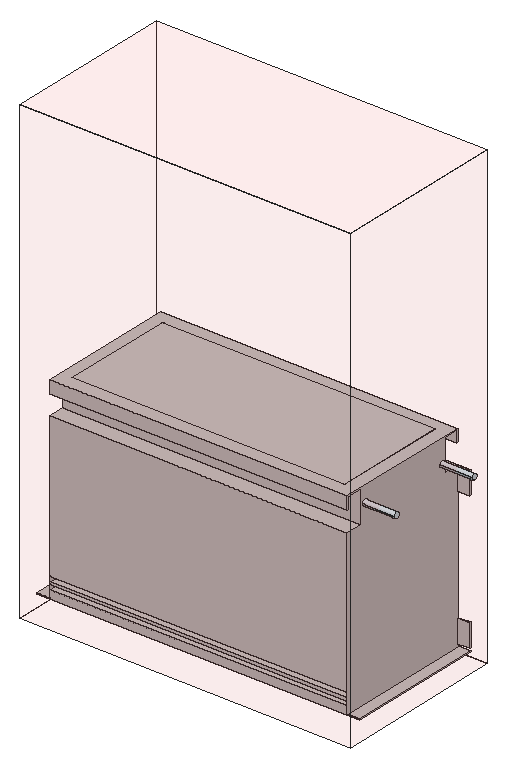
Revit family "Air-Curtain_Vestibule-Except_PoweredAire_ETA-HWST", category Mechanical Equipment, host Face, Revit 2023
Family settings
  Host = Face
  Round Connector Dimension = Use Diameter
  Part Type = Normal
  OmniClass Number = 23.75.35.17.21
  OmniClass Title = Air Curtains
  Cut with Voids When Loaded = No
  Maintain Annotation Orientation = No
  Shared = No
  Room Calculation Point = No
Parameters
  upperrotation [instance] = if(Upper Pipe Connection Side A, 0.00°, 180.00°)  # 0.00°
  lowerrotation [instance] = if(Lower Pipe Connection Side A, 0.00°, 180.00°)  # 0.00°
  locateupperpipe [instance] = if(Upper Pipe Connection Side A, 0' 0", Nozzle Width)  # 0' - 0"
  locatelowerpipe [instance] = if(Lower Pipe Connection Side A, 0' 0", Nozzle Width)  # 0' - 0"
  Warranty Duration (Years) = 0
  Upper Pipe Connection Side A [instance] = yes
  Unit Width Notes = "Other Widths available."  # constant formula
  Unit Width = 3' - 3"
  Unit Weight = 0
  Unit Height = 1' - 4 3/4"
  Unit Depth [instance] = if(Include Filters, 2' 1 7/8", 1' 11 3/4")  # 1' - 11 3/4"
  URL = "http://www.poweredaire.com/"
  Test Data = ""
  Standards Conformance = "as Specified"
  Specification = "http://www.arcat.com/sdspecs/htm04/23_34_33pai.htm"
  SpecWizard = ""
  Sound Pressure = "as Specified"
  Sales Information = "http://www.poweredaire.com/contact_us"
  Revision = "R1_2016-08"
  Projection from Host [instance] = 0' - 2"
  Product Properties = ""
  Product Data = "http://www.arcat.com/arcatcos/cos47/arc47623.html"
  Power Rating = 0 W
  Piping_Water Flow [instance] = 0 GPM
  Piping_Operating Pressure [instance] = 0.00 psi
  Piping_Exit Temperature [instance] = 0 °F
  Piping_Entry Temperature [instance] = 0 °F
  Pipe OD [instance] = 5/8"
  Nozzle Width = if(1 = 1, Unit Width - 0' 3", 0' 0")  # 3' - 0"
  Mounting Width = if(1 = 1, Unit Width - 0' 1 1/2", 0' 0")  # 3' - 1 1/2"
  Mounting Height [instance] = 3' - 6"
  Motor RPM = 0
  Motor HP = 0
  Motor Count = 0
  Model = "As Specified"
  Max Height = 0' - 0"
  Manufacturer Website = "http://www.poweredaire.com/"
  Manufacturer Phone - Toll Free = "888-321-2473"
  Manufacturer Phone = "724-588-3305"
  Manufacturer Fax = "724-588-3371"
  Manufacturer Address = "109 Mortensen Rd.  Greenville, PA 16125"
  Manufacturer = "Powered Aire, Inc"
  Maintenance Schedule (Months) = 0
  Lower Pipe Connection Side A [instance] = yes
  Keynote = "23 34 33"
  Installation-Fabrication = ""
  Installation Phase = ""
  Include Filters [instance] = no
  Include Clearance [instance] = yes
  Heating Element Load = 0 W
  HVAC_Temperature Rise = 0 °F
  HVAC_Outlet Volume = 0 CFM
  HVAC_Outlet Velocity Uniformity = 0
  HVAC_Outlet Velocity = 0 FPM
  HVAC_BTU Input = 0.0 Btu/h
  Green Building-LEED = "http://www.arcat.com/green/clients/leed_data_47623.html"
  Front Grating Material [instance] = Metal - Steel - PoweredAire - Stainless 304 Perforated
  Frame Finish [instance] = Metal - Steel - PoweredAire - Stainless 304
  Expected Lifespan (Years) = 0
  Electrical_Wattage [instance] = Power Rating + Heating Element Load  # 0 W
  Electrical_Voltage [instance] = 0 V
  Electrical_Phase [instance] = 1
  Electrical_Frequency [instance] = 0 Hz
  Electrical_Amperage [instance] = 0 A
  Drawn By = "Sumex Design, Inc. / Robert S. Weygant, CSI, CDT, SCIP"
  Description = "Powered Aire Air Curtain as Specified"
  Default Elevation = 0' - 0"  # constant formula
  Copyright = "©Arcat Inc."
  Construction Details = "http://www.arcat.com/details/powair/prod3336.html"
  Clearance_Top [instance] = 0' - 2"
  Clearance_Side B [instance] = 0' - 0 1/2"
  Clearance_Side A [instance] = 0' - 0 1/2"
  Clearance_Intake [instance] = 2' - 6"
  Clearance_Bottom [instance] = 0' - 2"
  Clearance Material [instance] = ARCAT Clearance
  Building Codes = ""
  Available Options [instance] = "as Specified"
  Assembly Code = "D3090400"
Reference planes (in)
  plane 1 "Center (Elevation)": y = 0.13818
  plane 2: z = 0
  plane 3 "Center (Left/Right)": x = 0
  plane 4: y = 8.51318
  plane 5: y = -8.23682
  plane 6: x = -19.5
  plane 7: x = 19.5
  plane 8: z = 25.75
  plane 9 "FF": y = -41.86182
  plane 10: z = 2
  plane 11: x = 18
  plane 12: x = -18
  plane 13: y = 10.51318
  plane 14: y = -10.23682
  plane 15: x = -20
  plane 16: x = 20
  plane 17: z = 55.75
  plane 18: x = 17.9375
  plane 19: x = -17.9375
  plane 20: x = 18
  plane 21: x = 18
  plane 22: y = 6.01318
  plane 23: y = -5.73682
Forms (in)
  Extrusion 1, solid, material "Metal - Steel - PoweredAire - Stainless 304" <- "Frame Finish"
    sketch origin (0, 0, 0) x (0, 1, 0) y (0, 0, 1)
      loop
        line (-8.23682, 2) -> (8.51318, 2) -> (8.51318, 21.8125) -> (6.51318, 21.8125) -> (6.51318, 25.625) -> (8.38818, 25.625) -> (8.38818, 24.25) -> (8.51318, 24.25) -> (8.51318, 25.75) -> (-8.23682, 25.75) -> (-8.23682, 24.25) -> (-8.11182, 24.25) -> (-8.11182, 25.625) -> (-6.23682, 25.625) -> (-6.23682, 21.8125) -> (-8.23682, 21.8125) -> (-8.23682, 2)
    from -18 to 18
  Extrusion 2, solid, material "ARCAT Clearance" <- "Clearance Material", visible <- "Include Clearance"
    sketch origin (0, 0, 0) x (0, 1, 0) y (0, 0, 1)
      loop
        line (-10.23682, 55.75) -> (-10.23682, 0) -> (10.51318, 0) -> (10.51318, 55.75) -> (-10.23682, 55.75)
    from -20 to 20
  Extrusion 3, solid, material "Metal - Steel - PoweredAire - Stainless 304" <- "Frame Finish"
    sketch origin (-15.17702, -180, 2) x (-1, 0, 0) y (0, -1, 0)
      loop
        line (-33.17702, -188.51318) -> (-33.17702, -171.76318) -> (-34.67702, -171.76318) -> (-34.67702, -188.51318) -> (-33.17702, -188.51318)
      loop
        line (2.82298, -188.51318) -> (4.32298, -188.51318) -> (4.32298, -171.76318) -> (2.82298, -171.76318) -> (2.82298, -188.51318)
    from 0 to 0.125
  Extrusion 4, solid, material "Metal - Steel - PoweredAire - Stainless 304" <- "Frame Finish"
    sketch origin (-11.83813, 8.51318, 48) x (-1, 0, 0) y (0, 0, 1)
      loop
        line (-29.83813, -45.5) -> (-29.83813, -42.75) -> (-31.33813, -42.75) -> (-31.33813, -45.5) -> (-29.83813, -45.5)
      loop
        line (-29.83813, -28.9375) -> (-29.83813, -26.1875) -> (-31.33813, -26.1875) -> (-31.33813, -28.9375) -> (-29.83813, -28.9375)
      loop
        line (6.16187, -45.5) -> (7.66187, -45.5) -> (7.66187, -42.75) -> (6.16187, -42.75) -> (6.16187, -45.5)
      loop
        line (6.16187, -28.9375) -> (7.66187, -28.9375) -> (7.66187, -26.1875) -> (6.16187, -26.1875) -> (6.16187, -28.9375)
    from 0 to -0.125
  Extrusion 5, void
    sketch origin (0, 0, 0) x (0, 1, 0) y (0, 0, 1)
      loop
        line (-8.23682, 3) -> (-7.23682, 3) -> (-7.23682, 4.5) -> (-8.23682, 4.5) -> (-8.23682, 3.82425) -> (-7.38364, 3.82425) -> (-7.38364, 3.57425) -> (-8.23682, 3.57425) -> (-8.23682, 3)
    from -17.9375 to 17.9375
  Extrusion 6, solid, material "Metal - Steel - PoweredAire - Stainless 304 Perforated" <- "Front Grating Material"
    sketch origin (0, -8.23682, 25.75) x (0, 1, 0) y (-1, 0, 0)
      loop
        line (15.25, 16.5) -> (1.5, 16.5) -> (1.5, -16.5) -> (15.25, -16.5) -> (15.25, 16.5)
    from 0 to 0.03125
  Sweep 7, solid
    path origin (18, 6.01318, 0) x (1, 0, 0) y (0, 1, 0)
      loop
        line (0, 0) -> (4, 0)
    profile origin (20, 6.01318, 0) x (0, 1, 0) y (0, 0, 1)
      loop
        circle (0, 23) r 0.3125
  Sweep 8, solid
    path origin (18, -5.73682, 0) x (1, 0, 0) y (0, 1, 0)
      loop
        line (0, 0) -> (4, 0)
    profile origin (20, -5.73682, 0) x (0, 1, 0) y (0, 0, 1)
      loop
        circle (0, 24) r 0.3125
Cuts and joins
  Extrusion 5 cuts Extrusion 1
Lines and regions (in)
  reference lines
    curve 1: line (18, 6.01318, 0) -> (22.75, 6.01318, 0)
    curve 2: line (18, -5.73682, 0) -> (23.75, -5.73682, 0)
Dimensions and locks (in)
  equal spacing: plane 4, plane 1 "Center (Elevation)", plane 5
  "Unit Height": plane 4 to plane 5
  equal spacing: plane 6, plane 3 "Center (Left/Right)", plane 7
  "Unit Width": plane 6 to plane 7
  "Mounting Height": plane 1 "Center (Elevation)" to plane 9 "FF"
  "Projection from Host": plane 10 to level
  "Unit Depth": plane 8 to plane 10
  locked: plane 6 to plane 12 at 1.5
  locked: plane 11 to plane 7 at 1.5
  "Clearance_Side A": plane 7 to plane 16
  "Clearance_Side B": plane 15 to plane 6
  "Clearance_Top": plane 13 to plane 4
  "Clearance_Bottom": plane 5 to plane 14
  "Clearance_Intake": plane 17 to plane 8
  plane 5 to Extrusion 1 sketch curve to Extrusion 1 sketch curve = 0' - 0 1/8" locked, 0' - 1 7/8" locked
  Extrusion 1 sketch curve to Extrusion 1 sketch curve to plane 4 = 0' - 1 7/8" locked, 0' - 0 1/8" locked
  Extrusion 4 sketch curve to Extrusion 4 sketch curve to Extrusion 4 sketch curve to Extrusion 4 sketch curve to plane 10 = 0' - 2 3/4" locked, 1' - 1 13/16" locked, 0' - 2 3/4" locked, 0' - 0 1/2" locked
  Extrusion 4 sketch curve to Extrusion 4 sketch curve to Extrusion 4 sketch curve to Extrusion 4 sketch curve = 0' - 2 3/4" locked, 1' - 1 13/16" locked, 0' - 2 3/4" locked
  locked: Extrusion 4 sketch curve to plane 10 at 0.5
  plane 8 to Extrusion 1 sketch curve to Extrusion 1 sketch curve = 0' - 0 1/8" locked, 0' - 1 3/8" locked  (x2)
  locked: Extrusion 1 sketch curve to plane 10 at 19.8125  (x2)
  Extrusion 5 sketch curve to Extrusion 5 sketch curve to Extrusion 5 sketch curve to Extrusion 5 sketch curve to plane 10 = 0' - 0.67575" locked, 0' - 0 1/4" locked, 0' - 0.57425" locked, 0' - 1" locked
  plane 5 to Extrusion 5 sketch curve to Extrusion 5 sketch curve = 0' - 0.85319" locked, 0' - 0.14681" locked
  locked: plane 19 to plane 12 at 0.0625
  locked: plane 11 to plane 18 at 0.0625
  locked: plane 4 to Extrusion 6 sketch curve at 1.5
  locked: Extrusion 6 sketch curve to plane 5 at 1.5
  locked: Extrusion 6 sketch curve to plane 11 at 1.5
  locked: plane 12 to Extrusion 6 sketch curve at 1.5
  "locateupperpipe": plane 20 to plane 11
  "locatelowerpipe": plane 21 to plane 11
  locked: plane 4 to plane 22 at 2.5
  locked: plane 23 to plane 5 at 2.5
  locked: curve 1 to Sweep 7 sketch curve at 4
  locked: curve 1 to Sweep 7 sketch curve
  locked: Sweep 7 sketch curve to plane 10 at 21
  locked: curve 2 to Sweep 8 sketch curve at 4
  locked: curve 2 to Sweep 8 sketch curve
  locked: Sweep 8 sketch curve to plane 10 at 22
  "upperrotation": angle plane 22 to curve 1
  "lowerrotation": angle plane 23 to curve 2
  aligned and locked: plane 2 to host face
  aligned and locked: level to host face
  aligned and locked: Extrusion 2 sketch curve to plane 17
  aligned and locked: plane 14 to Extrusion 2 sketch curve
  aligned and locked: level to Extrusion 2 sketch curve
  aligned and locked: Extrusion 2 sketch curve to plane 13
  aligned and locked: plane 16 to Extrusion 2
  aligned and locked: Extrusion 2 to plane 15
  aligned and locked: plane 11 to Extrusion 1
  aligned and locked: Extrusion 1 to plane 12
  aligned and locked: plane 21 to curve 2
  aligned and locked: plane 23 to curve 2
  aligned and locked: plane 22 to curve 1
  aligned and locked: plane 20 to curve 1
Automatic sketch dimensions
  host sketch curve to host sketch curve = 8' - 0"  (x2)
  Extrusion 1 sketch curve to plane 5 = 0' - 0"  (x2)
  Extrusion 1 sketch curve to plane 4 = 0' - 0"  (x2)
  Extrusion 1 sketch curve to plane 10 = 0' - 0"
  Extrusion 1 sketch curve to plane 8 = 0' - 0"
  plane 4 to Extrusion 3 sketch curve = 0' - 0"
  Extrusion 3 sketch curve to plane 7 = 0' - 0"
  plane 5 to Extrusion 3 sketch curve = 0' - 0"
  Extrusion 3 sketch curve to plane 11 = 0' - 0"
  Extrusion 3 sketch curve to plane 4 = 0' - 0"
  Extrusion 3 sketch curve to plane 12 = 0' - 0"
  Extrusion 3 sketch curve to plane 6 = 0' - 0"
  Extrusion 3 sketch curve to plane 5 = 0' - 0"
  Extrusion 4 sketch curve to plane 7 = 0' - 0"  (x2)
  Extrusion 4 sketch curve to plane 11 = 0' - 0"  (x2)
  Extrusion 4 sketch curve to plane 12 = 0' - 0"  (x2)
  Extrusion 4 sketch curve to plane 6 = 0' - 0"  (x2)
  Extrusion 5 sketch curve to plane 5 = 0' - 0"  (x2)
  Sweep 7 sketch curve to profile plane = 0' - 0"
  Sweep 8 sketch curve to profile plane = 0' - 0"
  radius of Sweep 7 sketch curve = 0' - 0 5/16"
  radius of Sweep 8 sketch curve = 0' - 0 5/16"
Connectors (in)
  piping at (22, 6.01318, 23), diameter 0.625, driven by "Pipe OD", driven by "Piping_Water Flow"
    settings: on Sweep 7, index 1, connector inside diameter 24", connector length 0' - 0", flow factor 0, pipe flow 0 GPM, pressure drop 0.00 psi, fitting loss kfactor 0, connector angle 0.00°, fixture units 0, engagement length 0' - 0", angle of deflection 0.00°, flow configuration 0, flow direction 0, fitting loss method 0, system type 29, joint type 0, gender type 0, connector reference index -1, connector utility 0, adjustable connector no, is connector primary yes, connector description "Define Supply or Return and Location"
  piping at (22, -5.73682, 24), diameter 0.625, driven by "Pipe OD", driven by "Piping_Water Flow"
    settings: on Sweep 8, index 2, connector inside diameter 24", connector length 0' - 0", flow factor 0, pipe flow 0 GPM, pressure drop 0.00 psi, fitting loss kfactor 0, connector angle 0.00°, fixture units 0, engagement length 0' - 0", angle of deflection 0.00°, flow configuration 0, flow direction 0, fitting loss method 0, system type 29, joint type 0, gender type 0, connector reference index -1, connector utility 0, adjustable connector no, is connector primary no, connector description "Define Supply or Return and Location"
  electrical at (-18, 0.13818, 21.39062), driven by "Electrical_Voltage", driven by "Electrical_Phase"
    settings: on cut or joined group of Extrusion 1, Extrusion 5, index 3, voltage 0 V, apparent load 0 VA, apparent load phase1 0 VA, apparent load phase2 0 VA, apparent load phase3 0 VA, power factor 1, load classification "Motor", number of poles 1, system type 31, power factor state 1, is connector primary yes, connector utility no, sub classification motor no, connector description ""
